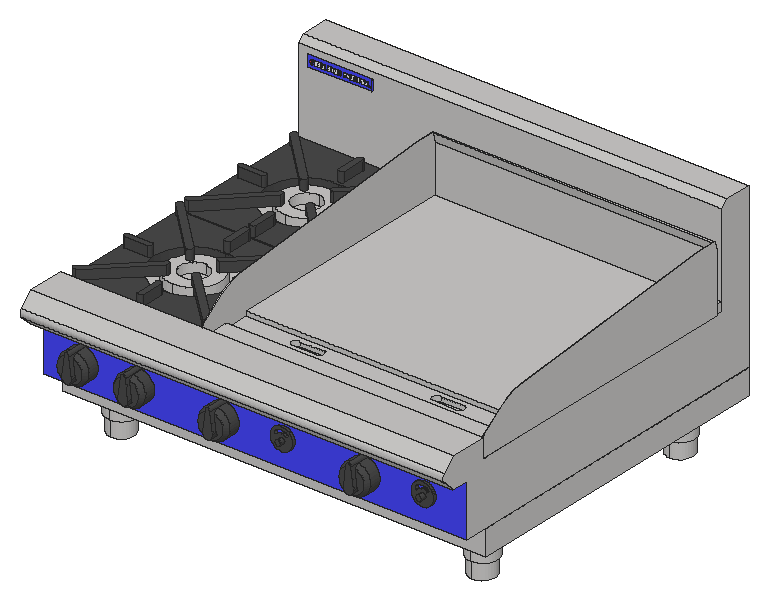
Revit family "QF_MOFFAT_BLUESEAL_CE_G516B-B", category Specialty Equipment, Revit 2012
Parameters
  Width = 900 mm  # constant formula
  Weight in Pounds = 283  # constant formula
  URL Cutsheet = "www.moffat.com"
  URL = "www.moffat.com"
  Type Mark [instance] = ""
  Status [instance] = ""
  Specification by User [instance] = ""
  Specification by Manufacturer = ""
  Show Logo [instance] = yes
  Serial Number = ""
  Seismic Rating = ""
  SMACNA No = ""
  Revision Code [instance] = ""
  Omniclass Number and Title = ""
  NAFEM Spec ID Number = ""
  Model = "G516B-B"
  Mechanical Remarks [instance] = ""
  Mechanical Connection Type [instance] = ""
  Masterspec = ""
  Manufacturer = "MOFFAT BLUESEAL"
  Item Number [instance] = ""
  Installed By [instance] = ""
  Identify Quantity as Lot [instance] = yes
  Height = 485 mm  # constant formula
  Gas Size = 3/4"
  Gas RI Height [instance] = 0 mm
  Gas KW [instance] = 26
  Gas Input [instance] = 89000.0 Btu/h
  Gas Connection Height = 0 mm
  Furnished By [instance] = ""
  Foodservice Equipment Identifier [instance] = yes
  Description = "900MM GAS COOK TOP BENCH MOUNT"
  Depth = 812 mm  # constant formula
  CSI MasterFormat = ""
  CSI Master Format = ""
Reference planes
  plane 1 "BACK": y = 0
  plane 2: z = 0
  plane 3 "LEFT": x = 0
  plane 4 "RIGHT": x = 900
  plane 5 "FRONT": y = -812
  plane 6 "TOP": z = 370
  plane 7 "Center Y": x = 450
  plane 8 "Center X": y = -406
  plane 9: z = 485
  plane 10: z = 315
Forms (mm)
  Revolve 1, solid, material "QF_Finishes_Stainless Steel"
    sketch origin (65.5, -728, 0) x (0, 1, 0) y (0, 0, 1)
      loop
        line (71.25, 85) -> (71.25, 35) -> (75.5, 35) -> (75.5, 0) -> (103, 0) -> (103, 85) -> (71.25, 85)
      axis (103, 85) -> (103, 0)
    angle from 0 to 360
  Revolve 2, solid, material "QF_Finishes_Stainless Steel"
    sketch origin (65.5, -210, 0) x (0, 1, 0) y (0, 0, 1)
      loop
        line (78.25, 85) -> (78.25, 35) -> (82.5, 35) -> (82.5, 0) -> (110, 0) -> (110, 85) -> (78.25, 85)
      axis (110, 85) -> (110, 0)
    angle from 0 to 360
  Extrusion 3, solid, material "QF_Finishes_Stainless Steel"
    sketch origin (405, 3, -500) x (1, 0, 0) y (0, 1, 0)
      loop
        circle (365, -35) r 13.5
    from 555 to 585
  Revolve 4, solid, material "QF_Finishes_Black"
    sketch origin (89.999, 7, -0.127) x (0, 1, 0) y (0, 0, -1)
      loop
        line (-789, -229.5) -> (-766, -229.5) -> (-766, -202) -> (-756, -202) -> (-756, -197) -> (-800, -197) -> (-800, -223.651) -> (-789, -229.5)
      axis (-800, -197) -> (-756, -197)
    angle from 0 to 360
  Extrusion 5, solid, material "QF_Finishes_Black"
    sketch origin (228.269, 7, 0.031) x (-1, 0, 0) y (0, 0, -1)
      loop
        line (127.85, -186.163) -> (133.27, -229.082)
        arc (133.27, -229.082) -> (138.269, -233.969) -> (143.267, -229.082) r 5
        line (143.267, -229.082) -> (148.756, -184.996)
        arc (148.756, -184.996) -> (137.684, -174.498) -> (127.85, -186.163) r 10.487
    from 759 to 808
  Extrusion 6, solid, material "QF_Finishes_Stainless Steel"
    sketch origin (0, 0, 0) x (0, 1, 0) y (0, 0, 1)
      loop
        line (-784.97, 250) -> (-749, 250) -> (-749, 140) -> (0, 140) -> (0, 485) -> (-57.5, 485) -> (-70, 472.5) -> (-70, 275) -> (-705, 275) -> (-705, 315) -> (-783.97, 315) -> (-808.498, 290.472)
        arc (-808.498, 290.472) -> (-812.007, 282) -> (-808.498, 273.528) r 11.982
        line (-808.498, 273.528) -> (-784.97, 250)
      loop
        line (0, 85) -> (0, 139.206) -> (-699, 139.206) -> (-699, 85) -> (0, 85)
    from 0 to 900
  Revolve 7, solid, material "QF_Finishes_Black"
    sketch origin (390, 7, -0.127) x (0, 1, 0) y (0, 0, -1)
      loop
        line (-789, -229.5) -> (-766, -229.5) -> (-766, -202) -> (-756, -202) -> (-756, -197) -> (-800, -197) -> (-800, -223.651) -> (-789, -229.5)
      axis (-800, -197) -> (-756, -197)
    angle from 0 to 360
  Extrusion 8, solid, material "QF_Finishes_Black"
    sketch origin (0, -749, 266) x (0, 0, -1) y (1, 0, 0)
      loop
        circle (69, 810) r 23.9
      loop
        arc (61.641, 818.419) -> (62.501, 823.219) -> (57.701, 824.079) r 3.448
        arc (57.701, 824.079) -> (51.116, 809.341) -> (58.919, 795.209) r 18.095
        arc (58.919, 795.209) -> (63.641, 796.491) -> (62.326, 801.204) r 3.448
        arc (62.326, 801.204) -> (58.758, 809.683) -> (61.641, 818.419) r 13.109
      loop
        circle (69, 510) r 23.9
      loop
        arc (61.641, 518.419) -> (62.501, 523.219) -> (57.701, 524.079) r 3.448
        arc (57.701, 524.079) -> (51.116, 509.341) -> (58.919, 495.209) r 18.095
        arc (58.919, 495.209) -> (63.641, 496.491) -> (62.326, 501.204) r 3.448
        arc (62.326, 501.204) -> (58.758, 509.683) -> (61.641, 518.419) r 13.109
    from 0 to 5
  Extrusion 9, solid, material "QF_Finishes_Black"
    sketch origin (0, -754, 266) x (0, 0, -1) y (1, 0, 0)
      loop
        circle (72.5, 510) r 5.75
      loop
        circle (72.5, 810) r 5.75
    from 0 to 10
  Revolve 10, solid, material "QF_Finishes_Stainless Steel"
    sketch origin (834.5, -728, 0) x (0, 1, 0) y (0, 0, -1)
      loop
        line (71.25, -85) -> (103, -85) -> (103, 0) -> (75.5, 0) -> (75.5, -35) -> (71.25, -35) -> (71.25, -85)
      axis (103, -85) -> (103, 0)
    angle from 0 to 360
  Revolve 11, solid, material "QF_Finishes_Stainless Steel"
    sketch origin (834.5, -210, 0) x (0, 1, 0) y (0, 0, -1)
      loop
        line (78.25, -85) -> (110, -85) -> (110, 0) -> (82.5, 0) -> (82.5, -35) -> (78.25, -35) -> (78.25, -85)
      axis (110, -85) -> (110, 0)
    angle from 0 to 360
  Extrusion 12, solid, material "QF_Finishes_Black"
    sketch origin (528.269, 7, 0.031) x (-1, 0, 0) y (0, 0, -1)
      loop
        line (127.85, -186.163) -> (133.27, -229.082)
        arc (133.27, -229.082) -> (138.269, -233.969) -> (143.267, -229.082) r 5
        line (143.267, -229.082) -> (148.756, -184.996)
        arc (148.756, -184.996) -> (137.684, -174.498) -> (127.85, -186.163) r 10.487
    from 759 to 808
  Revolve 13, solid, material "QF_Finishes_Black"
    sketch origin (690, 7, 0) x (0, 1, 0) y (0, 0, -1)
      loop
        line (-789, -229.5) -> (-766, -229.5) -> (-766, -202) -> (-756, -202) -> (-756, -197) -> (-800, -197) -> (-800, -223.651) -> (-789, -229.5)
      axis (-800, -197) -> (-756, -197)
    angle from 0 to 360
  Extrusion 14, solid, material "QF_Finishes_Black"
    sketch origin (828.27, 7, 0.158) x (-1, 0, 0) y (0, 0, -1)
      loop
        line (127.85, -186.163) -> (133.27, -229.082)
        arc (133.27, -229.082) -> (138.269, -233.969) -> (143.267, -229.082) r 5
        line (143.267, -229.082) -> (148.756, -184.996)
        arc (148.756, -184.996) -> (137.684, -174.498) -> (127.85, -186.163) r 10.487
    from 759 to 808
  Revolve 15, solid, material "QF_Finishes_Black"
    sketch origin (210, 7, 0) x (0, 1, 0) y (0, 0, -1)
      loop
        line (-789, -229.5) -> (-766, -229.5) -> (-766, -202) -> (-756, -202) -> (-756, -197) -> (-800, -197) -> (-800, -223.651) -> (-789, -229.5)
      axis (-800, -197) -> (-756, -197)
    angle from 0 to 360
  Extrusion 16, solid, material "QF_Finishes_Black"
    sketch origin (348.27, 7, 0.158) x (-1, 0, 0) y (0, 0, -1)
      loop
        line (127.85, -186.163) -> (133.27, -229.082)
        arc (133.27, -229.082) -> (138.269, -233.969) -> (143.267, -229.082) r 5
        line (143.267, -229.082) -> (148.756, -184.996)
        arc (148.756, -184.996) -> (137.684, -174.498) -> (127.85, -186.163) r 10.487
    from 759 to 808
Lines and regions (mm)
  Split face 1
    outline origin (0, 0, 485) x (0, -1, 0) y (1, 0, 0)
      loop
        arc (18.185, 32.794) -> (23.185, 24.134) -> (33.185, 24.134) r 10
        line (33.185, 24.134) -> (40.185, 28.176)
        arc (40.185, 28.176) -> (43.845, 31.836) -> (45.185, 36.836) r 10
        line (45.185, 36.836) -> (45.185, 264.794)
        arc (45.185, 264.794) -> (40.185, 273.455) -> (30.185, 273.455) r 10
        line (30.185, 273.455) -> (23.185, 269.413)
        arc (23.185, 269.413) -> (19.525, 265.753) -> (18.185, 260.753) r 10
        line (18.185, 260.753) -> (18.185, 32.794)
  Split face 2
    outline origin (0, 0, 485) x (0, -1, 0) y (1, 0, 0)
      loop
        arc (18.185, 332.794) -> (23.185, 324.134) -> (33.185, 324.134) r 10
        line (33.185, 324.134) -> (40.185, 328.176)
        arc (40.185, 328.176) -> (43.845, 331.836) -> (45.185, 336.836) r 10
        line (45.185, 336.836) -> (45.185, 564.794)
        arc (45.185, 564.794) -> (40.185, 573.455) -> (30.185, 573.455) r 10
        line (30.185, 573.455) -> (23.185, 569.413)
        arc (23.185, 569.413) -> (19.525, 565.753) -> (18.185, 560.753) r 10
        line (18.185, 560.753) -> (18.185, 332.794)
  Split face 3
    outline origin (0, 0, 485) x (0, -1, 0) y (1, 0, 0)
      loop
        arc (45.185, 864.794) -> (40.185, 873.455) -> (30.185, 873.455) r 10
        line (30.185, 873.455) -> (23.185, 869.413)
        arc (23.185, 869.413) -> (19.525, 865.753) -> (18.185, 860.753) r 10
        line (18.185, 860.753) -> (18.185, 632.794)
        arc (18.185, 632.794) -> (23.185, 624.134) -> (33.185, 624.134) r 10
        line (33.185, 624.134) -> (40.185, 628.176)
        arc (40.185, 628.176) -> (43.845, 631.836) -> (45.185, 636.836) r 10
        line (45.185, 636.836) -> (45.185, 864.794)
  symbolic lines
    curve 1: line (0, 0, 0) -> (0, -812, 0)
    curve 2: line (900, 0, 0) -> (0, 0, 0)
    curve 3: line (900, -812, 0) -> (900, 0, 0)
    curve 4: line (0, -70, 0) -> (900, -70, 0)
    curve 5: line (0, -812, 0) -> (900, -812, 0)
    curve 6: line (900, -705, 0) -> (0, -705, 0)
    curve 7: line (0, -783.97, 0) -> (900, -783.97, 0)
    curve 8: line (36.836, -45.185, 0) -> (264.794, -45.185, 0)
    curve 9: arc (264.794, -45.185, 0) -> (273.455, -40.185, 0) -> (273.455, -30.185, 0) r 10
    curve 10: line (273.455, -30.185, 0) -> (269.413, -23.185, 0)
    curve 11: arc (269.413, -23.185, 0) -> (265.753, -19.525, 0) -> (260.753, -18.185, 0) r 10
    curve 12: line (260.753, -18.185, 0) -> (32.794, -18.185, 0)
    curve 13: arc (32.794, -18.185, 0) -> (24.134, -23.185, 0) -> (24.134, -33.185, 0) r 10
    curve 14: line (24.134, -33.185, 0) -> (28.176, -40.185, 0)
    curve 15: arc (28.176, -40.185, 0) -> (31.836, -43.845, 0) -> (36.836, -45.185, 0) r 10
    curve 16: line (336.836, -45.185, 0) -> (564.794, -45.185, 0)
    curve 17: arc (564.794, -45.185, 0) -> (573.455, -40.185, 0) -> (573.455, -30.185, 0) r 10
    curve 18: line (573.455, -30.185, 0) -> (569.413, -23.185, 0)
    curve 19: arc (569.413, -23.185, 0) -> (565.753, -19.525, 0) -> (560.753, -18.185, 0) r 10
    curve 20: line (560.753, -18.185, 0) -> (332.794, -18.185, 0)
    curve 21: arc (332.794, -18.185, 0) -> (324.134, -23.185, 0) -> (324.134, -33.185, 0) r 10
    curve 22: line (324.134, -33.185, 0) -> (328.176, -40.185, 0)
    curve 23: arc (328.176, -40.185, 0) -> (331.836, -43.845, 0) -> (336.836, -45.185, 0) r 10
    curve 24: line (864.794, -45.185, 0) -> (636.836, -45.185, 0)
    curve 25: arc (636.836, -45.185, 0) -> (631.836, -43.845, 0) -> (628.176, -40.185, 0) r 10
    curve 26: line (628.176, -40.185, 0) -> (624.134, -33.185, 0)
    curve 27: arc (624.134, -33.185, 0) -> (624.134, -23.185, 0) -> (632.794, -18.185, 0) r 10
    curve 28: line (632.794, -18.185, 0) -> (860.753, -18.185, 0)
    curve 29: arc (860.753, -18.185, 0) -> (865.753, -19.525, 0) -> (869.413, -23.185, 0) r 10
    curve 30: line (869.413, -23.185, 0) -> (873.455, -30.185, 0)
    curve 31: arc (873.455, -30.185, 0) -> (873.455, -40.185, 0) -> (864.794, -45.185, 0) r 10
    curve 32: line (0, -57.5, 0) -> (900, -57.5, 0)
Dimensions and locks
  equal spacing: plane 3 "LEFT", plane 7 "Center Y", plane 4 "RIGHT"
  "Width": plane 3 "LEFT" to plane 4 "RIGHT"
  equal spacing: plane 5 "FRONT", plane 8 "Center X", plane 1 "BACK"
  "Depth": plane 5 "FRONT" to plane 1 "BACK"
  equal spacing: plane 4 "RIGHT", plane 7 "Center Y", plane 3 "LEFT"
  plane 4 "RIGHT" to plane 3 "LEFT" = 900 mm
  Extrusion 3 to level = 55 mm
  Extrusion 3 to plane 1 "BACK" = 32 mm
  plane 5 "FRONT" to plane 1 "BACK" = 812 mm
  "Height": plane 9 to level
  plane 10 to level = 315 mm
  Extrusion 3 sketch curve to plane 4 "RIGHT" = 130 mm
  Extrusion 3 sketch curve to plane 1 "BACK" = 32 mm
  aligned and locked: level to plane 2
  aligned and locked: curve 3 to plane 4 "RIGHT"
Automatic sketch dimensions
  plane 1 "BACK" to curve 1 = 0 mm
  curve 1 to plane 3 "LEFT" = 0 mm
  plane 5 "FRONT" to curve 1 = 0 mm
  plane 3 "LEFT" to curve 14 = 24.134 mm
  curve 13 to curve 14 = 4.041 mm
  curve 13 to curve 13 = 8.66 mm
  curve 15 to curve 8 = 8.66 mm
  plane 1 "BACK" to curve 12 = 18.185 mm
  curve 12 to plane 7 "Center Y" = 189.247 mm
  curve 11 to curve 9 = 4.041 mm
  plane 1 "BACK" to curve 10 = 23.185 mm
  curve 11 to curve 10 = 8.66 mm
  plane 1 "BACK" to curve 10 = 30.185 mm
  curve 10 to curve 10 = 4.041 mm
  plane 1 "BACK" to curve 22 = 33.185 mm
  curve 10 to curve 22 = 50.679 mm
  curve 21 to curve 23 = 4.041 mm  (x2)
  curve 21 to curve 21 = 8.66 mm
  plane 1 "BACK" to curve 20 = 18.185 mm
  plane 7 "Center Y" to curve 20 = 110.753 mm
  curve 19 to curve 17 = 4.041 mm  (x2)
  curve 19 to curve 19 = 8.66 mm
  plane 1 "BACK" to curve 26 = 33.185 mm
  curve 18 to curve 26 = 50.679 mm
  plane 1 "BACK" to curve 26 = 40.185 mm
  curve 27 to curve 26 = 4.041 mm
  curve 27 to curve 27 = 8.66 mm
  curve 27 to curve 25 = 4.041 mm
  plane 4 "RIGHT" to curve 29 = 39.247 mm
  curve 29 to curve 31 = 4.041 mm
  curve 28 to curve 30 = 8.66 mm
  curve 29 to curve 30 = 4.041 mm
  curve 7 to plane 5 "FRONT" = 28.03 mm
  curve 7 to curve 6 = 78.97 mm
  plane 1 "BACK" to curve 4 = 70 mm
  curve 4 to curve 32 = 12.5 mm
  curve 32 to curve 31 = 12.315 mm
  curve 8 to curve 12 = 27 mm
  curve 16 to curve 21 = 17 mm
  curve 22 to curve 21 = 7 mm
  curve 8 to curve 15 = 5 mm
  curve 16 to curve 17 = 10 mm
  curve 24 to curve 31 = 10 mm
  curve 14 to curve 13 = 7 mm
  curve 25 to curve 27 = 7 mm
  curve 31 to curve 29 = 7 mm
  curve 17 to curve 19 = 7 mm
  Revolve 1 sketch curve to level = 0 mm
  level to Revolve 1 sketch curve = 35 mm
  Revolve 1 sketch curve to plane 5 "FRONT" = 155.25 mm
  Revolve 1 sketch curve to Revolve 1 sketch curve = 4.25 mm
  Revolve 1 sketch curve to Revolve 1 sketch curve = 27.5 mm  (x2)
  Revolve 1 sketch curve to Revolve 1 sketch curve = 55 mm
  Revolve 1 sketch curve to Revolve 1 sketch curve = 15 mm
  Revolve 1 sketch curve to Revolve 1 sketch curve = 35 mm
  Revolve 2 sketch curve to level = 0 mm
  level to Revolve 2 sketch curve = 35 mm
  plane 1 "BACK" to Revolve 2 sketch curve = 131.75 mm
  Revolve 2 sketch curve to Revolve 2 sketch curve = 4.25 mm
  Revolve 2 sketch curve to Revolve 2 sketch curve = 27.5 mm  (x2)
  Revolve 2 sketch curve to Revolve 2 sketch curve = 55 mm
  Revolve 2 sketch curve to Revolve 2 sketch curve = 15 mm
  Revolve 2 sketch curve to Revolve 2 sketch curve = 35 mm
  Revolve 4 sketch curve to plane 5 "FRONT" = 19 mm
  Revolve 4 sketch curve to Revolve 4 sketch curve = 0 mm  (x2)
  Revolve 4 sketch curve to Revolve 4 sketch curve = 11 mm
  Revolve 4 sketch curve to Revolve 4 sketch curve = 12.7 mm
  Revolve 4 sketch curve to Revolve 4 sketch curve = 23 mm
  Revolve 4 sketch curve to Revolve 4 sketch curve = 10 mm
  Revolve 4 sketch curve to plane 10 = 85.627 mm
  Revolve 4 sketch curve to Revolve 4 sketch curve = 5.849 mm
  Revolve 4 sketch curve to Revolve 4 sketch curve = 27.5 mm
  Revolve 4 sketch curve to Revolve 4 sketch curve = 5 mm
  plane 3 "LEFT" to Extrusion 5 sketch curve = 100.419 mm
  Extrusion 5 sketch curve to Extrusion 5 sketch curve = 5.421 mm
  Extrusion 5 sketch curve to Extrusion 5 sketch curve = 10.419 mm
  Extrusion 5 sketch curve to Extrusion 5 sketch curve = 4.999 mm  (x2)
  Extrusion 5 sketch curve to Extrusion 5 sketch curve = 10.487 mm
  Extrusion 5 sketch curve to plane 10 = 85.887 mm
  Extrusion 5 sketch curve to Extrusion 5 sketch curve = 0.113 mm
  Extrusion 5 sketch curve to Extrusion 5 sketch curve = 42.919 mm
  Extrusion 5 sketch curve to Extrusion 5 sketch curve = 1.167 mm
  Extrusion 6 sketch curve to plane 10 = 0 mm
  plane 9 to Extrusion 6 sketch curve = 0 mm
  Extrusion 6 sketch curve to plane 1 "BACK" = 0 mm  (x2)
  plane 1 "BACK" to Extrusion 6 sketch curve = 57.5 mm
  plane 9 to Extrusion 6 sketch curve = 12.5 mm
  Extrusion 6 sketch curve to Extrusion 6 sketch curve = 12.5 mm
  Extrusion 6 sketch curve to plane 5 "FRONT" = 113 mm
  Extrusion 6 sketch curve to plane 5 "FRONT" = 107 mm
  Extrusion 6 sketch curve to Extrusion 6 sketch curve = 50 mm
  Extrusion 6 sketch curve to plane 5 "FRONT" = 28.03 mm
  Extrusion 6 sketch curve to plane 5 "FRONT" = 27.03 mm
  Extrusion 6 sketch curve to plane 5 "FRONT" = 11.975 mm
  Extrusion 6 sketch curve to plane 5 "FRONT" = 3.502 mm  (x2)
  Extrusion 6 sketch curve to plane 10 = 24.528 mm
  Extrusion 6 sketch curve to Extrusion 6 sketch curve = 8.472 mm
  Extrusion 6 sketch curve to Extrusion 6 sketch curve = 40 mm
  Extrusion 6 sketch curve to Extrusion 6 sketch curve = 23.528 mm
  Extrusion 6 sketch curve to Extrusion 6 sketch curve = 110 mm
  Extrusion 6 sketch curve to Extrusion 6 sketch curve = 0.794 mm
  Extrusion 6 sketch curve to Extrusion 6 sketch curve = 54.206 mm
  Revolve 7 sketch curve to plane 5 "FRONT" = 19 mm
  Revolve 7 sketch curve to Revolve 7 sketch curve = 0 mm  (x2)
  Revolve 7 sketch curve to Revolve 7 sketch curve = 11 mm
  Revolve 7 sketch curve to Revolve 7 sketch curve = 12.7 mm
  Revolve 7 sketch curve to Revolve 7 sketch curve = 23 mm
  Revolve 7 sketch curve to Revolve 7 sketch curve = 10 mm
  Revolve 7 sketch curve to plane 10 = 85.627 mm
  Revolve 7 sketch curve to Revolve 7 sketch curve = 5.849 mm
  Revolve 7 sketch curve to Revolve 7 sketch curve = 27.5 mm
  Revolve 7 sketch curve to Revolve 7 sketch curve = 5 mm
  Extrusion 6 to Extrusion 8 sketch curve = 41.701 mm  (x2)
  Extrusion 8 sketch curve to Extrusion 8 sketch curve = 1.218 mm  (x2)
  Extrusion 8 sketch curve to Extrusion 8 sketch curve = 1.97 mm  (x4)
  Extrusion 8 sketch curve to Extrusion 8 sketch curve = 1.724 mm  (x2)
  Extrusion 8 sketch curve to Extrusion 8 sketch curve = 1.683 mm  (x2)
  Extrusion 8 sketch curve to Extrusion 8 sketch curve = 6.674 mm  (x2)
  Extrusion 8 sketch curve to Extrusion 8 sketch curve = 0.195 mm  (x2)
  Extrusion 8 sketch curve to Extrusion 8 sketch curve = 2.662 mm  (x2)
  Extrusion 6 to Extrusion 8 sketch curve = 404.791 mm
  Extrusion 8 sketch curve to Extrusion 8 sketch curve = 2.986 mm  (x2)
  Extrusion 8 sketch curve to Extrusion 8 sketch curve = 8.796 mm  (x2)
  Extrusion 8 sketch curve to Extrusion 8 sketch curve = 0.103 mm  (x2)
  Extrusion 8 sketch curve to Extrusion 8 sketch curve = 0.102 mm  (x2)
  Extrusion 6 to Extrusion 8 sketch curve = 104.791 mm
  Extrusion 9 sketch curve to Extrusion 9 sketch curve = 0 mm
  Extrusion 9 sketch curve to Extrusion 9 sketch curve = 300 mm
  Revolve 10 sketch curve to level = 0 mm
  level to Revolve 10 sketch curve = 35 mm
  Revolve 10 sketch curve to plane 5 "FRONT" = 155.25 mm
  Revolve 10 sketch curve to Revolve 10 sketch curve = 4.25 mm
  Revolve 10 sketch curve to Revolve 10 sketch curve = 27.5 mm  (x2)
  Revolve 10 sketch curve to Revolve 10 sketch curve = 15 mm
  Revolve 10 sketch curve to Revolve 10 sketch curve = 35 mm
  Revolve 10 sketch curve to level = 55 mm
  Revolve 11 sketch curve to level = 0 mm
  level to Revolve 11 sketch curve = 35 mm
  plane 1 "BACK" to Revolve 11 sketch curve = 131.75 mm
  Revolve 11 sketch curve to Revolve 11 sketch curve = 4.25 mm
  Revolve 11 sketch curve to Revolve 11 sketch curve = 27.5 mm  (x2)
  Revolve 11 sketch curve to Revolve 11 sketch curve = 15 mm
  Revolve 11 sketch curve to Revolve 11 sketch curve = 35 mm
  Revolve 11 sketch curve to level = 55 mm
  Extrusion 12 sketch curve to plane 7 "Center Y" = 49.58 mm
  Extrusion 12 sketch curve to Extrusion 12 sketch curve = 5.421 mm
  Extrusion 12 sketch curve to Extrusion 12 sketch curve = 10.419 mm
  Extrusion 12 sketch curve to Extrusion 12 sketch curve = 4.999 mm  (x2)
  Extrusion 12 sketch curve to Extrusion 12 sketch curve = 10.487 mm
  Extrusion 12 sketch curve to plane 10 = 85.887 mm
  Extrusion 12 sketch curve to Extrusion 12 sketch curve = 0.113 mm
  Extrusion 12 sketch curve to Extrusion 12 sketch curve = 42.919 mm
  Extrusion 12 sketch curve to Extrusion 12 sketch curve = 1.167 mm
  Revolve 13 sketch curve to plane 5 "FRONT" = 19 mm
  Revolve 13 sketch curve to Revolve 13 sketch curve = 0 mm  (x2)
  Revolve 13 sketch curve to Revolve 13 sketch curve = 11 mm
  Revolve 13 sketch curve to Revolve 13 sketch curve = 12.7 mm
  Revolve 13 sketch curve to Revolve 13 sketch curve = 23 mm
  Revolve 13 sketch curve to Revolve 13 sketch curve = 10 mm
  Revolve 13 sketch curve to plane 10 = 85.5 mm
  Revolve 13 sketch curve to Revolve 13 sketch curve = 5.849 mm
  Revolve 13 sketch curve to Revolve 13 sketch curve = 27.5 mm
  Revolve 13 sketch curve to Revolve 13 sketch curve = 5 mm
  plane 4 "RIGHT" to Extrusion 14 sketch curve = 199.58 mm
  Extrusion 14 sketch curve to Extrusion 14 sketch curve = 5.421 mm
  Extrusion 14 sketch curve to Extrusion 14 sketch curve = 10.419 mm
  Extrusion 14 sketch curve to Extrusion 14 sketch curve = 4.999 mm  (x2)
  Extrusion 14 sketch curve to plane 10 = 85.76 mm
  Extrusion 14 sketch curve to Extrusion 14 sketch curve = 10.487 mm
  Extrusion 14 sketch curve to Extrusion 14 sketch curve = 0.113 mm
  Extrusion 14 sketch curve to Extrusion 14 sketch curve = 42.919 mm
  Extrusion 14 sketch curve to Extrusion 14 sketch curve = 1.167 mm
  Split face 1 sketch curve to Extrusion 6 = 18.185 mm
  Split face 1 sketch curve to Split face 1 sketch curve = 5 mm  (x3)
  Split face 1 sketch curve to Split face 1 sketch curve = 10 mm  (x2)
  Split face 1 sketch curve to Split face 1 sketch curve = 7 mm  (x4)
  Split face 1 sketch curve to Extrusion 6 = 24.134 mm
  Split face 1 sketch curve to Split face 1 sketch curve = 4.041 mm  (x2)
  Split face 1 sketch curve to Split face 1 sketch curve = 223.917 mm
  Split face 2 sketch curve to Extrusion 6 = 18.185 mm
  Split face 2 sketch curve to Split face 2 sketch curve = 5 mm  (x4)
  Split face 2 sketch curve to Split face 2 sketch curve = 10 mm
  Split face 2 sketch curve to Split face 2 sketch curve = 7 mm  (x4)
  Split face 2 sketch curve to Extrusion 6 = 324.134 mm
  Split face 2 sketch curve to Split face 2 sketch curve = 4.041 mm  (x2)
  Split face 2 sketch curve to Split face 2 sketch curve = 223.917 mm
  Split face 3 sketch curve to Extrusion 6 = 18.185 mm
  Split face 3 sketch curve to Split face 3 sketch curve = 5 mm  (x3)
  Split face 3 sketch curve to Split face 3 sketch curve = 10 mm  (x2)
  Split face 3 sketch curve to Split face 3 sketch curve = 7 mm  (x4)
  Split face 3 sketch curve to Extrusion 6 = 275.866 mm
  Split face 3 sketch curve to Split face 3 sketch curve = 4.041 mm  (x2)
  Split face 3 sketch curve to Extrusion 6 = 39.247 mm
  Revolve 15 sketch curve to plane 5 "FRONT" = 19 mm
  Revolve 15 sketch curve to Revolve 15 sketch curve = 0 mm  (x2)
  Revolve 15 sketch curve to Revolve 15 sketch curve = 11 mm
  Revolve 15 sketch curve to Revolve 15 sketch curve = 12.7 mm
  Revolve 15 sketch curve to Revolve 15 sketch curve = 23 mm
  Revolve 15 sketch curve to Revolve 15 sketch curve = 10 mm
  Revolve 15 sketch curve to plane 10 = 85.5 mm
  Revolve 15 sketch curve to Revolve 15 sketch curve = 5.849 mm
  Revolve 15 sketch curve to Revolve 15 sketch curve = 27.5 mm
  Revolve 15 sketch curve to Revolve 15 sketch curve = 5 mm
  plane 3 "LEFT" to Extrusion 16 sketch curve = 220.42 mm
  Extrusion 16 sketch curve to Extrusion 16 sketch curve = 5.421 mm
  Extrusion 16 sketch curve to Extrusion 16 sketch curve = 10.419 mm
  Extrusion 16 sketch curve to Extrusion 16 sketch curve = 4.999 mm  (x2)
  Extrusion 16 sketch curve to plane 10 = 85.76 mm
  Extrusion 16 sketch curve to Extrusion 16 sketch curve = 10.487 mm
  Extrusion 16 sketch curve to Extrusion 16 sketch curve = 0.113 mm
  Extrusion 16 sketch curve to Extrusion 16 sketch curve = 42.919 mm
  Extrusion 16 sketch curve to Extrusion 16 sketch curve = 1.167 mm
  radius of Extrusion 3 sketch curve = 13.5 mm
  radius of Extrusion 8 sketch curve = 23.9 mm  (x2)
  radius of Extrusion 9 sketch curve = 5.75 mm  (x2)
Nested families
  nested 1: "WALDORF LOGO_FACE BASE" at (18.6, -70, 458.604) x (1, 0, 0) z (0, -1, 0), visible <- "Show Logo", type "WALDORF LOGO_FACE BASE", detail levels medium+fine
    with Show Logo yes
  nested 2: "GAS BURNER300 & GRIDDLE 600" at (0, -70, 275), type "GAS BURNER300 & GRIDDLE 600"
    with Width 900 mm, Type Mark "", Status "", Specification by User "", Revision Code "", Item Number "", Installed By "", Identify Quantity as Lot yes, Furnished By "", Foodservice Equipment Identifier yes, Depth 635 mm
Connectors
  piping at (770, -32, 55)
    settings: on Extrusion 3, index 1, connector radius 0.37402", flow factor 0, pipe flow 0 GPM, pressure drop 0.00 psi, fitting loss kfactor 0, connector angle 0.00°, fixture units 0, engagement length 0 mm, flow configuration 1, flow direction 1, fitting loss method 0, system type 7, joint type 0, gender type 0, connector reference index -1, connector utility 0, adjustable connector no, is connector primary yes, fitting loss table "", connector description "GAS CONNECTION"
Definition of nested family "WALDORF LOGO_FACE BASE"
  Parameters (values of type "WALDORF LOGO_FACE BASE")
    Show Logo [instance] = yes
    Default Elevation = 1219.2 mm
  Reference planes
    plane 1 "Center (Front/Back)": y = 0
    plane 2: z = 0
    plane 3 "Center (Left/Right)": x = 0
  Forms (mm)
    Extrusion 1, solid
      sketch origin (0, 0, 0) x (1, 0, 0) y (0, 1, 0)
        loop
          line (-1219.2, 1219.2) -> (-1219.2, -1219.2) -> (1219.2, -1219.2) -> (1219.2, 1219.2) -> (-1219.2, 1219.2)
      from 0 to -304.8
    Extrusion 2, solid, material "QF_Finishes_Blue", visible <- "Show Logo"
      sketch origin (0, -33.217, 0) x (1, 0, 0) y (0, 1, 0)
        loop
          arc (138, 31.942) -> (137.626, 32.844) -> (136.724, 33.217) r 1.276
          line (136.724, 33.217) -> (1.29, 33.217)
          arc (1.29, 33.217) -> (0.378, 32.839) -> (0, 31.927) r 1.29
          line (0, 31.927) -> (0, 11.507)
          arc (0, 11.507) -> (0.378, 10.595) -> (1.29, 10.217) r 1.29
          line (1.29, 10.217) -> (136.71, 10.217)
          arc (136.71, 10.217) -> (137.622, 10.595) -> (138, 11.507) r 1.29
          line (138, 11.507) -> (138, 31.942)
      from 0 to 1.588
    Extrusion 3, solid, material "QF_Finishes_White", visible <- "Show Logo"
      sketch origin (0, -33.217, 1.588) x (1, 0, 0) y (0, 1, 0)
        loop
          arc (108.946, 25.919) -> (107.613, 25.367) -> (107.061, 24.034) r 1.885
          line (107.061, 24.034) -> (107.061, 17.211) -> (112.704, 17.211) -> (112.704, 19.129) -> (115.546, 19.129) -> (115.546, 17.211) -> (121.584, 17.211) -> (121.584, 24.075)
          arc (121.584, 24.075) -> (121.043, 25.379) -> (119.739, 25.919) r 1.845
          line (119.739, 25.919) -> (108.946, 25.919)
        loop
          line (123.478, 25.919) -> (123.478, 17.163) -> (134.904, 17.163) -> (134.904, 19.129) -> (129.246, 19.129) -> (129.246, 25.919) -> (123.478, 25.919)
        loop
          line (112.704, 21.258) -> (115.546, 21.258) -> (115.546, 22.702)
          arc (115.546, 22.702) -> (115.344, 23.188) -> (114.858, 23.389) r 0.687
          line (114.858, 23.389) -> (113.363, 23.389)
          arc (113.363, 23.389) -> (112.897, 23.196) -> (112.704, 22.73) r 0.658
          line (112.704, 22.73) -> (112.704, 21.258)
        loop
          line (105.071, 25.919) -> (93.771, 25.919) -> (93.771, 17.163) -> (105.071, 17.163) -> (105.071, 19.063) -> (99.535, 19.063) -> (99.535, 20.437) -> (105.071, 20.437) -> (105.071, 22.278) -> (99.535, 22.278) -> (99.535, 23.587) -> (105.071, 23.587) -> (105.071, 25.919)
        loop
          line (91.104, 25.919) -> (79.541, 25.919)
          arc (79.541, 25.919) -> (78.558, 25.513) -> (78.152, 24.53) r 1.389
          line (78.152, 24.53) -> (78.152, 22.08)
          arc (78.152, 22.08) -> (78.558, 21.098) -> (79.541, 20.691) r 1.389
          line (79.541, 20.691) -> (86.346, 20.691) -> (86.346, 18.864) -> (83.266, 18.864) -> (83.266, 19.664) -> (78.152, 19.664) -> (78.152, 18.553)
          arc (78.152, 18.553) -> (78.558, 17.57) -> (79.541, 17.163) r 1.389
          line (79.541, 17.163) -> (91.063, 17.163)
          arc (91.063, 17.163) -> (92.045, 17.57) -> (92.452, 18.553) r 1.389
          line (92.452, 18.553) -> (92.452, 20.691)
          arc (92.452, 20.691) -> (92.045, 21.673) -> (91.063, 22.08) r 1.389
          line (91.063, 22.08) -> (83.266, 22.08) -> (83.266, 23.984) -> (86.346, 23.984) -> (86.346, 22.743) -> (92.452, 22.743) -> (92.452, 24.571)
          arc (92.452, 24.571) -> (92.057, 25.524) -> (91.104, 25.919) r 1.348
        loop
          line (70.705, 25.919) -> (59.405, 25.919) -> (59.405, 17.163) -> (70.705, 17.163) -> (70.705, 19.063) -> (65.169, 19.063) -> (65.169, 20.437) -> (70.705, 20.437) -> (70.705, 22.278) -> (65.169, 22.278) -> (65.169, 23.587) -> (70.705, 23.587) -> (70.705, 25.919)
        loop
          line (57.598, 25.919) -> (51.7, 25.919) -> (51.7, 20.18)
          arc (51.7, 20.18) -> (50.63, 19.11) -> (49.56, 20.18) r 1.07
          line (49.56, 20.18) -> (49.56, 25.919) -> (43.663, 25.919) -> (43.663, 19.049)
          arc (43.663, 19.049) -> (44.215, 17.716) -> (45.548, 17.163) r 1.885
          line (45.548, 17.163) -> (55.71, 17.163)
          arc (55.71, 17.163) -> (57.045, 17.716) -> (57.598, 19.051) r 1.887
          line (57.598, 19.051) -> (57.598, 25.919)
        loop
          line (31.62, 25.919) -> (31.62, 17.163) -> (43.046, 17.163) -> (43.046, 19.129) -> (37.388, 19.129) -> (37.388, 25.919) -> (31.62, 25.919)
        loop
          line (15.969, 25.919) -> (15.969, 17.163) -> (28.693, 17.163)
          arc (28.693, 17.163) -> (29.812, 17.627) -> (30.276, 18.746) r 1.582
          line (30.276, 18.746) -> (30.276, 20.447) -> (29.48, 21.243) -> (30.276, 22.039) -> (30.276, 24.332)
          arc (30.276, 24.332) -> (29.811, 25.454) -> (28.688, 25.919) r 1.587
          line (28.688, 25.919) -> (15.969, 25.919)
        loop
          line (21.449, 24.159) -> (21.449, 22.436) -> (23.862, 22.436)
          arc (23.862, 22.436) -> (24.723, 23.298) -> (23.862, 24.159) r 0.861
          line (23.862, 24.159) -> (21.449, 24.159)
        loop
          line (21.449, 20.244) -> (21.449, 18.522) -> (23.862, 18.522)
          arc (23.862, 18.522) -> (24.723, 19.383) -> (23.862, 20.244) r 0.861
          line (23.862, 20.244) -> (21.449, 20.244)
      from 0 to 0.2
    Extrusion 4, solid, material "QF_Finishes_Blue", visible <- "Show Logo"
      sketch origin (-126.498, -31.09, 1.588) x (1, 0, 0) y (0, 1, 0)
        loop
          line (136.738, 23.522) -> (136.738, 15.1)
          arc (136.738, 15.1) -> (140.756, 19.311) -> (136.738, 23.522) r 4.216
      from 0 to 0.2
    Extrusion 5, solid, material "QF_Finishes_Red", visible <- "Show Logo"
      sketch origin (146.849, -31.09, 1.588) x (-1, 0, 0) y (0, -1, 0)
        loop
          arc (136.738, -23.522) -> (140.756, -19.311) -> (136.738, -15.1) r 4.216
          line (136.738, -15.1) -> (136.738, -23.522)
      from 0 to 0.2
  Lines and regions (mm)
    Split face 1
      outline origin (-90.35, -30.793, 1.588) x (1, 0, 0) y (0, 1, 0)
        loop
          circle (100.54, 19.013) r 4.536
  Dimensions and locks
    aligned and locked: plane 2 to Extrusion 1
    aligned and locked: level to Extrusion 1
Definition of nested family "GAS BURNER300 & GRIDDLE 600"
  Parameters (values of type "GAS BURNER300 & GRIDDLE 600")
    Width [instance] = 900 mm
    Weight in Pounds = 0
    URL Cutsheet = ""
    Type Mark [instance] = ""
    Status [instance] = ""
    Specification by User [instance] = ""
    Specification by Manufacturer = ""
    Serial Number = ""
    Seismic Rating = ""
    SMACNA No = ""
    Revision Code [instance] = ""
    Omniclass Number and Title = ""
    NAFEM Spec ID Number = ""
    Masterspec = ""
    Item Number [instance] = ""
    Installed By [instance] = ""
    Identify Quantity as Lot [instance] = yes
    Furnished By [instance] = ""
    Foodservice Equipment Identifier [instance] = yes
    Depth [instance] = 635 mm
    CSI MasterFormat = ""
    CSI Master Format = ""
  Reference planes
    plane 1 "BACK": y = 0
    plane 2: z = 0
    plane 3 "LEFT": x = 0
    plane 4 "RIGHT": x = 900
    plane 5 "FRONT": y = -635
    plane 6 "TOP": z = 142.5
    plane 7 "Center Y": x = 450
    plane 8 "Center X": y = -317.5
  Forms (mm)
    Extrusion 1, solid, material "QF_Finishes_Black"
      sketch origin (0, 0, 0) x (0, -1, 0) y (1, 0, 0)
        loop
          line (318.5, 4) -> (318.5, 296)
          arc (318.5, 296) -> (317.621, 298.121) -> (315.5, 299) r 3
          line (315.5, 299) -> (3, 299)
          arc (3, 299) -> (0.879, 298.121) -> (0, 296) r 3
          line (0, 296) -> (0, 4)
          arc (0, 4) -> (0.879, 1.879) -> (3, 1) r 3
          line (3, 1) -> (315.5, 1)
          arc (315.5, 1) -> (317.621, 1.879) -> (318.5, 4) r 3
        loop
          line (324.5, 1) -> (632, 1)
          arc (632, 1) -> (634.121, 1.879) -> (635, 4) r 3
          line (635, 4) -> (635, 296)
          arc (635, 296) -> (634.121, 298.121) -> (632, 299) r 3
          line (632, 299) -> (324.5, 299)
          arc (324.5, 299) -> (322.379, 298.121) -> (321.5, 296) r 3
          line (321.5, 296) -> (321.5, 4)
          arc (321.5, 4) -> (322.379, 1.879) -> (324.5, 1) r 3
        loop
          circle (168.5, 149.991) r 84.082
        loop
          circle (468.5, 149.991) r 84.082
      from 0 to 19.5
    Extrusion 2, solid, material "QF_Finishes_Black"
      sketch origin (0, 0, 19.5) x (0, -1, 0) y (1, 0, 0)
        loop
          spline (326.102, 15.153) -> (325.181, 13.924) -> (324.631, 12.47) -> (324.49, 10.89) -> (324.767, 9.292) -> (325.443, 7.786) -> (326.473, 6.473) -> (327.786, 5.443) -> (329.292, 4.767) -> (330.89, 4.49) -> (332.47, 4.631) -> (333.924, 5.181) -> (335.153, 6.102)
          line (335.153, 6.102) -> (443.076, 114.025)
          spline (443.076, 114.025) -> (443.837, 115.095) -> (444.238, 116.399) -> (444.251, 117.851) -> (443.875, 119.35) -> (443.137, 120.795) -> (442.086, 122.086) -> (440.795, 123.137) -> (439.35, 123.875) -> (437.851, 124.251) -> (436.399, 124.238) -> (435.095, 123.837) -> (434.025, 123.076)
          line (434.025, 123.076) -> (326.102, 15.153)
        loop
          spline (328.898, 156.4) -> (327.604, 156.182) -> (326.398, 155.543) -> (325.362, 154.525) -> (324.568, 153.2) -> (324.068, 151.656) -> (323.898, 150) -> (324.068, 148.344) -> (324.568, 146.8) -> (325.362, 145.475) -> (326.398, 144.457) -> (327.604, 143.818) -> (328.898, 143.6)
          line (328.898, 143.6) -> (378.102, 143.6)
          spline (378.102, 143.6) -> (379.396, 143.818) -> (380.602, 144.457) -> (381.638, 145.475) -> (382.432, 146.8) -> (382.932, 148.344) -> (383.102, 150) -> (382.932, 151.656) -> (382.432, 153.2) -> (381.638, 154.525) -> (380.602, 155.543) -> (379.396, 156.182) -> (378.102, 156.4)
          line (378.102, 156.4) -> (328.898, 156.4)
        loop
          spline (335.153, 293.898) -> (334.084, 294.659) -> (332.779, 295.059) -> (331.328, 295.072) -> (329.829, 294.697) -> (328.384, 293.959) -> (327.092, 292.908) -> (326.041, 291.616) -> (325.303, 290.171) -> (324.928, 288.672) -> (324.941, 287.221) -> (325.341, 285.916) -> (326.102, 284.847)
          line (326.102, 284.847) -> (434.025, 176.924)
          spline (434.025, 176.924) -> (435.095, 176.163) -> (436.399, 175.762) -> (437.851, 175.749) -> (439.35, 176.125) -> (440.795, 176.863) -> (442.086, 177.914) -> (443.137, 179.205) -> (443.875, 180.65) -> (444.251, 182.149) -> (444.238, 183.601) -> (443.837, 184.905) -> (443.076, 185.975)
          line (443.076, 185.975) -> (335.153, 293.898)
        loop
          line (463.6, 291.102) -> (463.6, 241.898)
          spline (463.6, 241.898) -> (463.818, 240.604) -> (464.457, 239.398) -> (465.475, 238.362) -> (466.8, 237.568) -> (468.344, 237.068) -> (470, 236.898) -> (471.656, 237.068) -> (473.2, 237.568) -> (474.525, 238.362) -> (475.543, 239.398) -> (476.182, 240.604) -> (476.4, 241.898)
          line (476.4, 241.898) -> (476.4, 291.102)
          spline (476.4, 291.102) -> (476.182, 292.396) -> (475.543, 293.602) -> (474.525, 294.638) -> (473.2, 295.432) -> (471.656, 295.932) -> (470, 296.102) -> (468.344, 295.932) -> (466.8, 295.432) -> (465.475, 294.638) -> (464.457, 293.602) -> (463.818, 292.396) -> (463.6, 291.102)
        loop
          spline (612.398, 284.847) -> (613.159, 285.916) -> (613.559, 287.221) -> (613.572, 288.672) -> (613.197, 290.171) -> (612.459, 291.616) -> (611.408, 292.908) -> (610.116, 293.959) -> (608.671, 294.697) -> (607.172, 295.072) -> (605.721, 295.059) -> (604.416, 294.659) -> (603.347, 293.898)
          line (603.347, 293.898) -> (496.924, 185.975)
          spline (496.924, 185.975) -> (496.163, 184.905) -> (495.762, 183.601) -> (495.749, 182.149) -> (496.125, 180.65) -> (496.863, 179.205) -> (497.914, 177.914) -> (499.205, 176.863) -> (500.65, 176.125) -> (502.149, 175.749) -> (503.601, 175.762) -> (504.905, 176.163) -> (505.975, 176.924)
          line (505.975, 176.924) -> (612.398, 284.847)
        loop
          spline (609.602, 143.6) -> (610.896, 143.818) -> (612.102, 144.457) -> (613.138, 145.475) -> (613.932, 146.8) -> (614.432, 148.344) -> (614.602, 150) -> (614.432, 151.656) -> (613.932, 153.2) -> (613.138, 154.525) -> (612.102, 155.543) -> (610.896, 156.182) -> (609.602, 156.4)
          line (609.602, 156.4) -> (561.898, 156.4)
          spline (561.898, 156.4) -> (560.604, 156.182) -> (559.398, 155.543) -> (558.362, 154.525) -> (557.568, 153.2) -> (557.068, 151.656) -> (556.898, 150) -> (557.068, 148.344) -> (557.568, 146.8) -> (558.362, 145.475) -> (559.398, 144.457) -> (560.604, 143.818) -> (561.898, 143.6)
          line (561.898, 143.6) -> (609.602, 143.6)
        loop
          line (612.398, 15.153) -> (505.975, 123.076)
          spline (505.975, 123.076) -> (504.905, 123.837) -> (503.601, 124.238) -> (502.149, 124.251) -> (500.65, 123.875) -> (499.205, 123.137) -> (497.914, 122.086) -> (496.863, 120.795) -> (496.125, 119.35) -> (495.749, 117.851) -> (495.762, 116.399) -> (496.163, 115.095) -> (496.924, 114.025)
          line (496.924, 114.025) -> (603.347, 6.102)
          spline (603.347, 6.102) -> (604.416, 5.341) -> (605.721, 4.941) -> (607.172, 4.928) -> (608.671, 5.303) -> (610.116, 6.041) -> (611.408, 7.092) -> (612.459, 8.384) -> (613.197, 9.829) -> (613.572, 11.328) -> (613.559, 12.779) -> (613.159, 14.084) -> (612.398, 15.153)
        loop
          line (476.4, 8.898) -> (476.4, 58.102)
          spline (476.4, 58.102) -> (476.182, 59.396) -> (475.543, 60.602) -> (474.525, 61.638) -> (473.2, 62.432) -> (471.656, 62.932) -> (470, 63.102) -> (468.344, 62.932) -> (466.8, 62.432) -> (465.475, 61.638) -> (464.457, 60.602) -> (463.818, 59.396) -> (463.6, 58.102)
          line (463.6, 58.102) -> (463.6, 8.898)
          spline (463.6, 8.898) -> (463.818, 7.604) -> (464.457, 6.398) -> (465.475, 5.362) -> (466.8, 4.568) -> (468.344, 4.068) -> (470, 3.898) -> (471.656, 4.068) -> (473.2, 4.568) -> (474.525, 5.362) -> (475.543, 6.398) -> (476.182, 7.604) -> (476.4, 8.898)
        loop
          spline (22.602, 15.153) -> (21.681, 13.924) -> (21.131, 12.47) -> (20.99, 10.89) -> (21.267, 9.292) -> (21.943, 7.786) -> (22.973, 6.473) -> (24.286, 5.443) -> (25.792, 4.767) -> (27.39, 4.49) -> (28.97, 4.631) -> (30.424, 5.181) -> (31.653, 6.102)
          line (31.653, 6.102) -> (139.576, 114.025)
          spline (139.576, 114.025) -> (140.337, 115.095) -> (140.738, 116.399) -> (140.751, 117.851) -> (140.375, 119.35) -> (139.637, 120.795) -> (138.586, 122.086) -> (137.295, 123.137) -> (135.85, 123.875) -> (134.351, 124.251) -> (132.899, 124.238) -> (131.595, 123.837) -> (130.525, 123.076)
          line (130.525, 123.076) -> (22.602, 15.153)
        loop
          spline (25.398, 156.4) -> (24.104, 156.182) -> (22.898, 155.543) -> (21.862, 154.525) -> (21.068, 153.2) -> (20.568, 151.656) -> (20.398, 150) -> (20.568, 148.344) -> (21.068, 146.8) -> (21.862, 145.475) -> (22.898, 144.457) -> (24.104, 143.818) -> (25.398, 143.6)
          line (25.398, 143.6) -> (74.602, 143.6)
          spline (74.602, 143.6) -> (75.896, 143.818) -> (77.102, 144.457) -> (78.138, 145.475) -> (78.932, 146.8) -> (79.432, 148.344) -> (79.602, 150) -> (79.432, 151.656) -> (78.932, 153.2) -> (78.138, 154.525) -> (77.102, 155.543) -> (75.896, 156.182) -> (74.602, 156.4)
          line (74.602, 156.4) -> (25.398, 156.4)
        loop
          spline (31.653, 293.898) -> (30.584, 294.659) -> (29.279, 295.059) -> (27.828, 295.072) -> (26.329, 294.697) -> (24.884, 293.959) -> (23.592, 292.908) -> (22.541, 291.616) -> (21.803, 290.171) -> (21.428, 288.672) -> (21.441, 287.221) -> (21.841, 285.916) -> (22.602, 284.847)
          line (22.602, 284.847) -> (130.525, 176.924)
          spline (130.525, 176.924) -> (131.595, 176.163) -> (132.899, 175.762) -> (134.351, 175.749) -> (135.85, 176.125) -> (137.295, 176.863) -> (138.586, 177.914) -> (139.637, 179.205) -> (140.375, 180.65) -> (140.751, 182.149) -> (140.738, 183.601) -> (140.337, 184.905) -> (139.576, 185.975)
          line (139.576, 185.975) -> (31.653, 293.898)
        loop
          line (160.1, 291.102) -> (160.1, 241.898)
          spline (160.1, 241.898) -> (160.318, 240.604) -> (160.957, 239.398) -> (161.975, 238.362) -> (163.3, 237.568) -> (164.844, 237.068) -> (166.5, 236.898) -> (168.156, 237.068) -> (169.7, 237.568) -> (171.025, 238.362) -> (172.043, 239.398) -> (172.682, 240.604) -> (172.9, 241.898)
          line (172.9, 241.898) -> (172.9, 291.102)
          spline (172.9, 291.102) -> (172.682, 292.396) -> (172.043, 293.602) -> (171.025, 294.638) -> (169.7, 295.432) -> (168.156, 295.932) -> (166.5, 296.102) -> (164.844, 295.932) -> (163.3, 295.432) -> (161.975, 294.638) -> (160.957, 293.602) -> (160.318, 292.396) -> (160.1, 291.102)
        loop
          spline (313.898, 284.847) -> (314.659, 285.916) -> (315.059, 287.221) -> (315.072, 288.672) -> (314.697, 290.171) -> (313.959, 291.616) -> (312.908, 292.908) -> (311.616, 293.959) -> (310.171, 294.697) -> (308.672, 295.072) -> (307.221, 295.059) -> (305.916, 294.659) -> (304.847, 293.898)
          line (304.847, 293.898) -> (193.424, 185.975)
          spline (193.424, 185.975) -> (192.663, 184.905) -> (192.262, 183.601) -> (192.249, 182.149) -> (192.625, 180.65) -> (193.363, 179.205) -> (194.414, 177.914) -> (195.705, 176.863) -> (197.15, 176.125) -> (198.649, 175.749) -> (200.101, 175.762) -> (201.405, 176.163) -> (202.475, 176.924)
          line (202.475, 176.924) -> (313.898, 284.847)
        loop
          spline (311.102, 143.6) -> (312.396, 143.818) -> (313.602, 144.457) -> (314.638, 145.475) -> (315.432, 146.8) -> (315.932, 148.344) -> (316.102, 150) -> (315.932, 151.656) -> (315.432, 153.2) -> (314.638, 154.525) -> (313.602, 155.543) -> (312.396, 156.182) -> (311.102, 156.4)
          line (311.102, 156.4) -> (261.898, 156.4)
          spline (261.898, 156.4) -> (260.604, 156.182) -> (259.398, 155.543) -> (258.362, 154.525) -> (257.568, 153.2) -> (257.068, 151.656) -> (256.898, 150) -> (257.068, 148.344) -> (257.568, 146.8) -> (258.362, 145.475) -> (259.398, 144.457) -> (260.604, 143.818) -> (261.898, 143.6)
          line (261.898, 143.6) -> (311.102, 143.6)
        loop
          line (313.898, 15.153) -> (202.475, 123.076)
          spline (202.475, 123.076) -> (201.405, 123.837) -> (200.101, 124.238) -> (198.649, 124.251) -> (197.15, 123.875) -> (195.705, 123.137) -> (194.414, 122.086) -> (193.363, 120.795) -> (192.625, 119.35) -> (192.249, 117.851) -> (192.262, 116.399) -> (192.663, 115.095) -> (193.424, 114.025)
          line (193.424, 114.025) -> (304.847, 6.102)
          spline (304.847, 6.102) -> (305.916, 5.341) -> (307.221, 4.941) -> (308.672, 4.928) -> (310.171, 5.303) -> (311.616, 6.041) -> (312.908, 7.092) -> (313.959, 8.384) -> (314.697, 9.829) -> (315.072, 11.328) -> (315.059, 12.779) -> (314.659, 14.084) -> (313.898, 15.153)
        loop
          line (172.9, 8.898) -> (172.9, 58.102)
          spline (172.9, 58.102) -> (172.682, 59.396) -> (172.043, 60.602) -> (171.025, 61.638) -> (169.7, 62.432) -> (168.156, 62.932) -> (166.5, 63.102) -> (164.844, 62.932) -> (163.3, 62.432) -> (161.975, 61.638) -> (160.957, 60.602) -> (160.318, 59.396) -> (160.1, 58.102)
          line (160.1, 58.102) -> (160.1, 8.898)
          spline (160.1, 8.898) -> (160.318, 7.604) -> (160.957, 6.398) -> (161.975, 5.362) -> (163.3, 4.568) -> (164.844, 4.068) -> (166.5, 3.898) -> (168.156, 4.068) -> (169.7, 4.568) -> (171.025, 5.362) -> (172.043, 6.398) -> (172.682, 7.604) -> (172.9, 8.898)
      from 0 to 20.5
    Extrusion 3, solid, material "QF_Finishes_Stainless Steel"
      sketch origin (0, -15.098, 0) x (0, -1, 0) y (1, 0, 0)
        loop
          circle (151.402, 150) r 57
        loop
          circle (451.402, 150) r 57
        loop
          circle (151.402, 150) r 30
        loop
          circle (451.402, 150) r 30
      from 0 to 20
  Lines and regions (mm)
    symbolic lines
      curve 1: line (284.847, -22.602, 0) -> (176.924, -130.525, 0)
      curve 2: spline (176.924, -130.525, 0) -> (176.163, -131.595, 0) -> (175.762, -132.899, 0) -> (175.749, -134.351, 0) -> (176.125, -135.85, 0) -> (176.863, -137.295, 0) -> (177.914, -138.586, 0) -> (179.205, -139.637, 0) -> (180.65, -140.375, 0) -> (182.149, -140.751, 0) -> (183.601, -140.738, 0) -> (184.905, -140.337, 0) -> (185.975, -139.576, 0)
      curve 3: line (185.975, -139.576, 0) -> (293.898, -31.653, 0)
      curve 4: spline (293.898, -31.653, 0) -> (294.659, -30.584, 0) -> (295.059, -29.279, 0) -> (295.072, -27.828, 0) -> (294.697, -26.329, 0) -> (293.959, -24.884, 0) -> (292.908, -23.592, 0) -> (291.616, -22.541, 0) -> (290.171, -21.803, 0) -> (288.672, -21.428, 0) -> (287.221, -21.441, 0) -> (285.916, -21.841, 0) -> (284.847, -22.602, 0)
      curve 5: line (291.102, -160.1, 0) -> (241.898, -160.1, 0)
      curve 6: spline (241.898, -160.1, 0) -> (240.604, -160.318, 0) -> (239.398, -160.957, 0) -> (238.362, -161.975, 0) -> (237.568, -163.3, 0) -> (237.068, -164.844, 0) -> (236.898, -166.5, 0) -> (237.068, -168.156, 0) -> (237.568, -169.7, 0) -> (238.362, -171.025, 0) -> (239.398, -172.043, 0) -> (240.604, -172.682, 0) -> (241.898, -172.9, 0)
      curve 7: line (241.898, -172.9, 0) -> (291.102, -172.9, 0)
      curve 8: arc (150, -223.5, 0) -> (168.725, -220.336, 0) -> (185.372, -211.197, 0) r 57
      curve 9: arc (150, -109.5, 0) -> (131.183, -112.696, 0) -> (114.475, -121.924, 0) r 57
      curve 10: arc (149.991, -84.418, 0) -> (178.523, -89.406, 0) -> (203.668, -103.781, 0) r 84.082
      curve 11: arc (149.991, -252.582, 0) -> (120.441, -247.219, 0) -> (94.661, -231.812, 0) r 84.082
      curve 12: line (156.4, -74.602, 0) -> (156.4, -25.398, 0)
      curve 13: spline (156.4, -25.398, 0) -> (156.182, -24.104, 0) -> (155.543, -22.898, 0) -> (154.525, -21.862, 0) -> (153.2, -21.068, 0) -> (151.656, -20.568, 0) -> (150, -20.398, 0) -> (148.344, -20.568, 0) -> (146.8, -21.068, 0) -> (145.475, -21.862, 0) -> (144.457, -22.898, 0) -> (143.818, -24.104, 0) -> (143.6, -25.398, 0)
      curve 14: line (143.6, -25.398, 0) -> (143.6, -74.602, 0)
      curve 15: spline (143.6, -74.602, 0) -> (143.818, -75.896, 0) -> (144.457, -77.102, 0) -> (145.475, -78.138, 0) -> (146.8, -78.932, 0) -> (148.344, -79.432, 0) -> (150, -79.602, 0) -> (151.656, -79.432, 0) -> (153.2, -78.932, 0) -> (154.525, -78.138, 0) -> (155.543, -77.102, 0) -> (156.182, -75.896, 0) -> (156.4, -74.602, 0)
      curve 16: line (296, 0, 0) -> (4, 0, 0)
      curve 17: arc (4, 0, 0) -> (1.879, -0.879, 0) -> (1, -3, 0) r 3
      curve 18: line (1, -3, 0) -> (1, -315.5, 0)
      curve 19: arc (1, -315.5, 0) -> (1.879, -317.621, 0) -> (4, -318.5, 0) r 3
      curve 20: line (4, -318.5, 0) -> (296, -318.5, 0)
      curve 21: line (296, -321.5, 0) -> (4, -321.5, 0)
      curve 22: arc (4, -321.5, 0) -> (1.879, -322.379, 0) -> (1, -324.5, 0) r 3
      curve 23: line (1, -324.5, 0) -> (1, -632, 0)
      curve 24: arc (1, -632, 0) -> (1.879, -634.121, 0) -> (4, -635, 0) r 3
      curve 25: line (4, -635, 0) -> (296, -635, 0)
      curve 26: line (293.898, -304.847, 0) -> (185.975, -193.424, 0)
      curve 27: spline (185.975, -193.424, 0) -> (184.905, -192.663, 0) -> (183.601, -192.262, 0) -> (182.149, -192.249, 0) -> (180.65, -192.625, 0) -> (179.205, -193.363, 0) -> (177.914, -194.414, 0) -> (176.863, -195.705, 0) -> (176.125, -197.15, 0) -> (175.749, -198.649, 0) -> (175.762, -200.101, 0) -> (176.163, -201.405, 0) -> (176.924, -202.475, 0)
      curve 28: line (176.924, -202.475, 0) -> (284.847, -313.898, 0)
      curve 29: spline (284.847, -313.898, 0) -> (285.916, -314.659, 0) -> (287.221, -315.059, 0) -> (288.672, -315.072, 0) -> (290.171, -314.697, 0) -> (291.616, -313.959, 0) -> (292.908, -312.908, 0) -> (293.959, -311.616, 0) -> (294.697, -310.171, 0) -> (295.072, -308.672, 0) -> (295.059, -307.221, 0) -> (294.659, -305.916, 0) -> (293.898, -304.847, 0)
      curve 30: line (15.153, -313.898, 0) -> (123.076, -202.475, 0)
      curve 31: spline (123.076, -202.475, 0) -> (123.837, -201.405, 0) -> (124.238, -200.101, 0) -> (124.251, -198.649, 0) -> (123.875, -197.15, 0) -> (123.137, -195.705, 0) -> (122.086, -194.414, 0) -> (120.795, -193.363, 0) -> (119.35, -192.625, 0) -> (117.851, -192.249, 0) -> (116.399, -192.262, 0) -> (115.095, -192.663, 0) -> (114.025, -193.424, 0)
      curve 32: line (114.025, -193.424, 0) -> (6.102, -304.847, 0)
      curve 33: spline (6.102, -304.847, 0) -> (5.341, -305.916, 0) -> (4.941, -307.221, 0) -> (4.928, -308.672, 0) -> (5.303, -310.171, 0) -> (6.041, -311.616, 0) -> (7.092, -312.908, 0) -> (8.384, -313.959, 0) -> (9.829, -314.697, 0) -> (11.328, -315.072, 0) -> (12.779, -315.059, 0) -> (14.084, -314.659, 0) -> (15.153, -313.898, 0)
      curve 34: line (8.898, -172.9, 0) -> (58.102, -172.9, 0)
      curve 35: spline (58.102, -172.9, 0) -> (59.396, -172.682, 0) -> (60.602, -172.043, 0) -> (61.638, -171.025, 0) -> (62.432, -169.7, 0) -> (62.932, -168.156, 0) -> (63.102, -166.5, 0) -> (62.932, -164.844, 0) -> (62.432, -163.3, 0) -> (61.638, -161.975, 0) -> (60.602, -160.957, 0) -> (59.396, -160.318, 0) -> (58.102, -160.1, 0)
      curve 36: line (58.102, -160.1, 0) -> (8.898, -160.1, 0)
      curve 37: spline (8.898, -160.1, 0) -> (7.604, -160.318, 0) -> (6.398, -160.957, 0) -> (5.362, -161.975, 0) -> (4.568, -163.3, 0) -> (4.068, -164.844, 0) -> (3.898, -166.5, 0) -> (4.068, -168.156, 0) -> (4.568, -169.7, 0) -> (5.362, -171.025, 0) -> (6.398, -172.043, 0) -> (7.604, -172.682, 0) -> (8.898, -172.9, 0)
      curve 38: line (6.102, -31.653, 0) -> (114.025, -139.576, 0)
      curve 39: spline (114.025, -139.576, 0) -> (115.095, -140.337, 0) -> (116.399, -140.738, 0) -> (117.851, -140.751, 0) -> (119.35, -140.375, 0) -> (120.795, -139.637, 0) -> (122.086, -138.586, 0) -> (123.137, -137.295, 0) -> (123.875, -135.85, 0) -> (124.251, -134.351, 0) -> (124.238, -132.899, 0) -> (123.837, -131.595, 0) -> (123.076, -130.525, 0)
      curve 40: line (123.076, -130.525, 0) -> (15.153, -22.602, 0)
      curve 41: spline (15.153, -22.602, 0) -> (13.924, -21.681, 0) -> (12.47, -21.131, 0) -> (10.89, -20.99, 0) -> (9.292, -21.267, 0) -> (7.786, -21.943, 0) -> (6.473, -22.973, 0) -> (5.443, -24.286, 0) -> (4.767, -25.792, 0) -> (4.49, -27.39, 0) -> (4.631, -28.97, 0) -> (5.181, -30.424, 0) -> (6.102, -31.653, 0)
      curve 42: arc (150, -136.5, 0) -> (180, -166.5, 0) -> (150, -196.5, 0) r 30
      curve 43: arc (150, -196.5, 0) -> (120, -166.5, 0) -> (150, -136.5, 0) r 30
      curve 44: line (156.4, -311.102, 0) -> (156.4, -261.898, 0)
      curve 45: spline (156.4, -261.898, 0) -> (156.182, -260.604, 0) -> (155.543, -259.398, 0) -> (154.525, -258.362, 0) -> (153.2, -257.568, 0) -> (151.656, -257.068, 0) -> (150, -256.898, 0) -> (148.344, -257.068, 0) -> (146.8, -257.568, 0) -> (145.475, -258.362, 0) -> (144.457, -259.398, 0) -> (143.818, -260.604, 0) -> (143.6, -261.898, 0)
      curve 46: line (143.6, -261.898, 0) -> (143.6, -311.102, 0)
      curve 47: spline (143.6, -311.102, 0) -> (143.818, -312.396, 0) -> (144.457, -313.602, 0) -> (145.475, -314.638, 0) -> (146.8, -315.432, 0) -> (148.344, -315.932, 0) -> (150, -316.102, 0) -> (151.656, -315.932, 0) -> (153.2, -315.432, 0) -> (154.525, -314.638, 0) -> (155.543, -313.602, 0) -> (156.182, -312.396, 0) -> (156.4, -311.102, 0)
      curve 48: line (156.4, -378.102, 0) -> (156.4, -328.898, 0)
      curve 49: spline (156.4, -328.898, 0) -> (156.182, -327.604, 0) -> (155.543, -326.398, 0) -> (154.525, -325.362, 0) -> (153.2, -324.568, 0) -> (151.656, -324.068, 0) -> (150, -323.898, 0) -> (148.344, -324.068, 0) -> (146.8, -324.568, 0) -> (145.475, -325.362, 0) -> (144.457, -326.398, 0) -> (143.818, -327.604, 0) -> (143.6, -328.898, 0)
      curve 50: line (143.6, -328.898, 0) -> (143.6, -378.102, 0)
      curve 51: spline (143.6, -378.102, 0) -> (143.818, -379.396, 0) -> (144.457, -380.602, 0) -> (145.475, -381.638, 0) -> (146.8, -382.432, 0) -> (148.344, -382.932, 0) -> (150, -383.102, 0) -> (151.656, -382.932, 0) -> (153.2, -382.432, 0) -> (154.525, -381.638, 0) -> (155.543, -380.602, 0) -> (156.182, -379.396, 0) -> (156.4, -378.102, 0)
      curve 52: line (284.847, -326.102, 0) -> (176.924, -434.025, 0)
      curve 53: spline (176.924, -434.025, 0) -> (176.163, -435.095, 0) -> (175.762, -436.399, 0) -> (175.749, -437.851, 0) -> (176.125, -439.35, 0) -> (176.863, -440.795, 0) -> (177.914, -442.086, 0) -> (179.205, -443.137, 0) -> (180.65, -443.875, 0) -> (182.149, -444.251, 0) -> (183.601, -444.238, 0) -> (184.905, -443.837, 0) -> (185.975, -443.076, 0)
      curve 54: line (185.975, -443.076, 0) -> (293.898, -335.153, 0)
      curve 55: spline (293.898, -335.153, 0) -> (294.659, -334.084, 0) -> (295.059, -332.779, 0) -> (295.072, -331.328, 0) -> (294.697, -329.829, 0) -> (293.959, -328.384, 0) -> (292.908, -327.092, 0) -> (291.616, -326.041, 0) -> (290.171, -325.303, 0) -> (288.672, -324.928, 0) -> (287.221, -324.941, 0) -> (285.916, -325.341, 0) -> (284.847, -326.102, 0)
      curve 56: line (123.076, -434.025, 0) -> (15.153, -326.102, 0)
      curve 57: spline (15.153, -326.102, 0) -> (13.924, -325.181, 0) -> (12.47, -324.631, 0) -> (10.89, -324.49, 0) -> (9.292, -324.767, 0) -> (7.786, -325.443, 0) -> (6.473, -326.473, 0) -> (5.443, -327.786, 0) -> (4.767, -329.292, 0) -> (4.49, -330.89, 0) -> (4.631, -332.47, 0) -> (5.181, -333.924, 0) -> (6.102, -335.153, 0)
      curve 58: line (6.102, -335.153, 0) -> (114.025, -443.076, 0)
      curve 59: spline (114.025, -443.076, 0) -> (115.095, -443.837, 0) -> (116.399, -444.238, 0) -> (117.851, -444.251, 0) -> (119.35, -443.875, 0) -> (120.795, -443.137, 0) -> (122.086, -442.086, 0) -> (123.137, -440.795, 0) -> (123.875, -439.35, 0) -> (124.251, -437.851, 0) -> (124.238, -436.399, 0) -> (123.837, -435.095, 0) -> (123.076, -434.025, 0)
      curve 60: line (58.102, -463.6, 0) -> (8.898, -463.6, 0)
      curve 61: spline (8.898, -463.6, 0) -> (7.604, -463.818, 0) -> (6.398, -464.457, 0) -> (5.362, -465.475, 0) -> (4.568, -466.8, 0) -> (4.068, -468.344, 0) -> (3.898, -470, 0) -> (4.068, -471.656, 0) -> (4.568, -473.2, 0) -> (5.362, -474.525, 0) -> (6.398, -475.543, 0) -> (7.604, -476.182, 0) -> (8.898, -476.4, 0)
      curve 62: line (8.898, -476.4, 0) -> (58.102, -476.4, 0)
